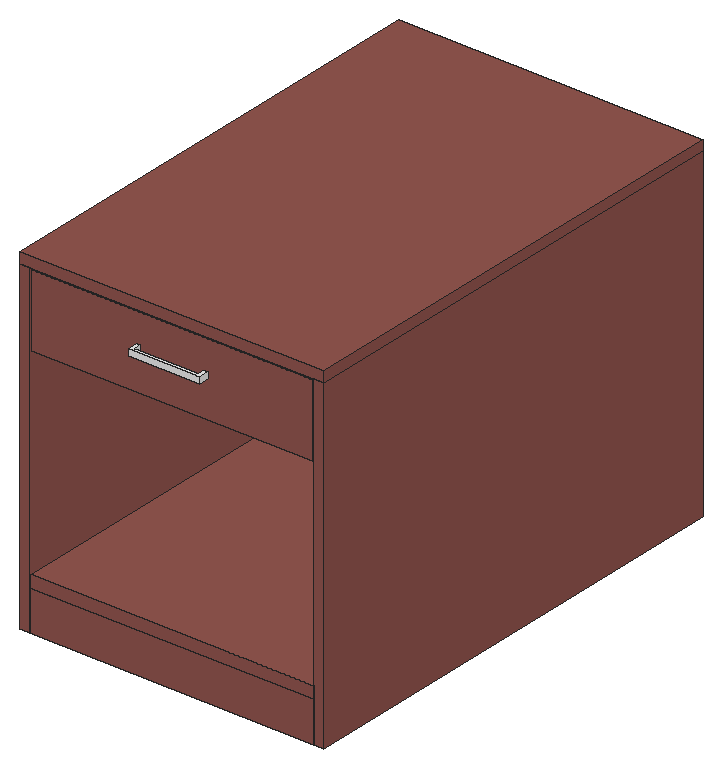
Revit family
Parameters (values of type "450x700x500mm")
  Manufacturer = ""
  Model = ""
  상단 면 재료 = 목재 - 벚나무, 빨간색, 폭
  지지 재료 = 목재 - 벚나무, 빨간색, 폭
  측면 재료 = 목재 - 벚나무, 빨간색, 길이
  금속 재료 = 다리 금속
  서랍 재료 = 목재 - 벚나무, 빨간색, 폭
  폭 = 450 mm
  높이 = 500 mm
  깊이 = 700 mm
Reference planes
  plane 1 "중심(앞/뒤)": y = 0
  plane 2: z = 0
  plane 3 "중심(왼쪽/오른쪽)": x = 0
  plane 4: x = -225
  plane 5: y = 350
  plane 6: y = -350
  plane 7: z = 500
  plane 8: z = 485
  plane 9: x = -210
  plane 10: z = 15
  plane 11: z = 250
  plane 12: x = 225
  plane 13: x = 210
  plane 14: z = 375
  plane 15: z = 483
  plane 16: y = 340
  plane 17: y = 333
  plane 18: z = 60
  plane 19: z = 78
  plane 20: y = -330
  plane 21: x = -208
  plane 22: x = 208
  plane 23: y = -365
  plane 24: z = 438.962
  plane 25: z = 428.962
Forms (mm)
  Extrusion 1, solid, material "목재 - 벚나무, 빨간색, 길이" <- "측면 재료"
    sketch origin (0, 0, 0) x (1, 0, 0) y (0, 0, 1)
      loop
        line (-225, 0) -> (-210, 0) -> (-210, 485) -> (-225, 485) -> (-225, 0)
    from -350 to 350
  Extrusion 2, solid, material "목재 - 벚나무, 빨간색, 폭" <- "서랍 재료"
    sketch origin (0, 0, 0) x (1, 0, 0) y (0, 1, 0)
      loop
        line (-208, 333) -> (-208, -350) -> (208, -350) -> (208, 333) -> (-208, 333)
    from 375 to 483
  Extrusion 3, solid, material "목재 - 벚나무, 빨간색, 폭" <- "지지 재료"
    sketch origin (0, 0, 0) x (1, 0, 0) y (0, 1, 0)
      loop
        line (-210, 340) -> (-210, 333) -> (210, 333) -> (210, 340) -> (-210, 340)
    from 78 to 485
  Extrusion 4, solid, material "목재 - 벚나무, 빨간색, 폭" <- "지지 재료"
    sketch origin (0, 0, 0) x (1, 0, 0) y (0, 0, 1)
      loop
        line (-210, 60) -> (210, 60) -> (210, 78) -> (-210, 78) -> (-210, 60)
    from -350 to 350
  Extrusion 5, solid, material "목재 - 벚나무, 빨간색, 폭" <- "지지 재료"
    sketch origin (0, 0, 0) x (0, 1, 0) y (0, 0, 1)
      loop
        line (-350, 60) -> (-350, 0) -> (-330, 0) -> (-330, 60) -> (-350, 60)
    from -210 to 210
  Extrusion 6, solid, material "목재 - 벚나무, 빨간색, 길이" <- "측면 재료"
    sketch origin (0, 0, 0) x (-1, 0, 0) y (0, 0, -1)
      loop
        line (-225, 0) -> (-225, -485) -> (-210, -485) -> (-210, 0) -> (-225, 0)
    from -350 to 350
  Extrusion 7, solid, material "목재 - 벚나무, 빨간색, 폭" <- "상단 면 재료"
    sketch origin (0, 0, 0) x (1, 0, 0) y (0, 0, 1)
      loop
        line (-225, 500) -> (-225, 485) -> (225, 485) -> (225, 500) -> (-225, 500)
    from -350 to 350
  Extrusion 8, solid, material "목재 - 벚나무, 빨간색, 폭" <- "지지 재료"
    sketch origin (0, 0, 0) x (0, -1, 0) y (0, 0, -1)
      loop
        line (-340, -60) -> (-333, -60) -> (-333, 0) -> (-340, 0) -> (-340, -60)
    from -210 to 210
  Extrusion 9, solid, material "다리 금속" <- "금속 재료"
    sketch origin (0, 0, 0) x (1, 0, 0) y (0, 1, 0)
      loop
        line (-52.5, -350) -> (-52.5, -365) -> (52.5, -365) -> (52.5, -350) -> (47.5, -350) -> (47.5, -360) -> (-47.5, -360) -> (-47.5, -350) -> (-52.5, -350)
    from 428.962 to 438.962
Dimensions and locks
  "높이": plane 7 to level
  "깊이": plane 6 to plane 5
  equal spacing: plane 4, plane 3 "중심(왼쪽/오른쪽)", plane 12
  "폭": plane 4 to plane 12
  equal spacing: plane 6, plane 1 "중심(앞/뒤)", plane 5
  locked: plane 4 to plane 9 at 15
  locked: plane 13 to plane 12 at 15
  locked: plane 7 to plane 8 at 15
  locked: plane 8 to plane 15 at 2
  locked: plane 16 to plane 5 at 10
  locked: plane 17 to plane 16 at 7
  locked: plane 9 to plane 21 at 2
  locked: plane 22 to plane 13 at 2
  locked: plane 6 to plane 20 at 20
  locked: plane 10 to level at 15
  locked: plane 18 to plane 10 at 45
  locked: plane 19 to plane 18 at 18
  locked: plane 23 to plane 6 at 15
  locked: plane 15 to plane 24 at 44.038
  locked: plane 24 to plane 25 at 10
  locked: plane 25 to plane 14 at 53.962
  aligned and locked: plane 9 to Extrusion 1
  aligned and locked: plane 6 to Extrusion 1
  aligned and locked: plane 14 to Extrusion 2
  aligned and locked: plane 15 to Extrusion 2
  aligned and locked: plane 16 to Extrusion 3
  aligned and locked: plane 17 to Extrusion 3
  aligned and locked: plane 9 to Extrusion 8
  aligned and locked: plane 13 to Extrusion 3
  aligned and locked: plane 6 to Extrusion 4
  aligned and locked: plane 6 to Extrusion 6
  aligned and locked: Extrusion 7 to plane 5
  aligned and locked: Extrusion 4 to plane 5
  aligned and locked: Extrusion 1 to plane 5
  aligned and locked: Extrusion 6 to plane 5
  aligned and locked: Extrusion 3 to plane 8
  aligned and locked: plane 9 to Extrusion 5
  aligned and locked: Extrusion 5 to plane 13
  aligned and locked: Extrusion 8 to plane 13
  aligned and locked: plane 6 to Extrusion 7
  aligned and locked: plane 23 to Extrusion 9
  aligned and locked: plane 6 to Extrusion 9  (x2)
  aligned and locked: plane 24 to Extrusion 9
  aligned and locked: plane 25 to Extrusion 9
Automatic sketch dimensions
  Extrusion 2 sketch curve to plane 6 = 0 mm
  Extrusion 2 sketch curve to plane 9 = 2 mm
  plane 13 to Extrusion 2 sketch curve = 2 mm
  plane 5 to Extrusion 2 sketch curve = 17 mm
  Extrusion 3 sketch curve to plane 17 = 0 mm
  Extrusion 3 sketch curve to plane 16 = 0 mm
  Extrusion 3 sketch curve to plane 9 = 0 mm
  plane 13 to Extrusion 3 sketch curve = 0 mm
  Extrusion 4 sketch curve to plane 9 = 0 mm
  Extrusion 4 sketch curve to plane 13 = 0 mm
  Extrusion 4 sketch curve to plane 18 = 0 mm
  Extrusion 4 sketch curve to plane 19 = 0 mm
  Extrusion 5 sketch curve to plane 6 = 0 mm
  plane 10 to Extrusion 5 sketch curve = 15 mm
  Extrusion 5 sketch curve to plane 20 = 0 mm
  Extrusion 5 sketch curve to plane 18 = 0 mm
  Extrusion 1 sketch curve to plane 4 = 0 mm
  plane 7 to Extrusion 1 sketch curve = 15 mm
  Extrusion 1 sketch curve to plane 9 = 0 mm
  Extrusion 1 sketch curve to level = 0 mm
  plane 7 to Extrusion 6 sketch curve = 15 mm
  Extrusion 6 sketch curve to plane 12 = 0 mm
  Extrusion 6 sketch curve to plane 13 = 0 mm
  Extrusion 6 sketch curve to level = 0 mm
  Extrusion 7 sketch curve to plane 4 = 0 mm
  Extrusion 7 sketch curve to plane 8 = 0 mm
  Extrusion 7 sketch curve to plane 12 = 0 mm
  Extrusion 7 sketch curve to plane 7 = 0 mm
  Extrusion 8 sketch curve to level = 0 mm
  plane 5 to Extrusion 8 sketch curve = 10 mm
  Extrusion 8 sketch curve to plane 18 = 0 mm
  plane 17 to Extrusion 8 sketch curve = 0 mm
  Extrusion 9 sketch curve to plane 6 = 0 mm  (x2)
  Extrusion 9 sketch curve to plane 23 = 0 mm
  Extrusion 9 sketch curve to plane 3 "중심(왼쪽/오른쪽)" = 47.5 mm
  Extrusion 9 sketch curve to Extrusion 9 sketch curve = 5 mm  (x2)
  plane 3 "중심(왼쪽/오른쪽)" to Extrusion 9 sketch curve = 47.5 mm
  Extrusion 9 sketch curve to plane 23 = 5 mm
